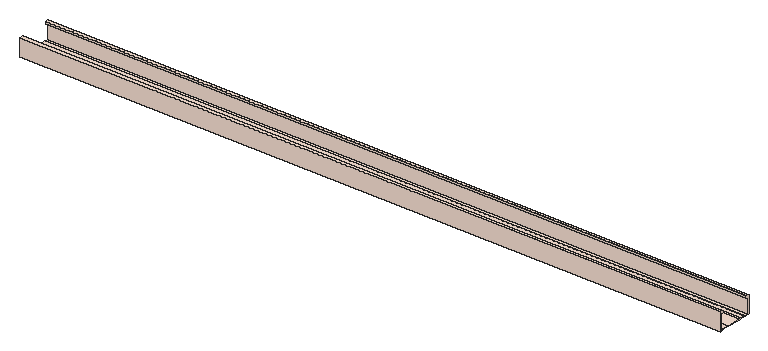
Revit family "CW-25", category 機械設備, Revit 2020
Family settings
  丸型コネクタ寸法 = 直径を使用
  種別 = なし
  パーツ タイプ = 標準
  作業面ベース = いいえ
  常に垂直 = はい
  ロード時にボイドで切り取り = いいえ
  共有 = いいえ
  部屋計算ポイント = いいえ
Parameters
  製造元 = "株式会社桐井製作所"
  既定の高さ = 0 mm
  URL = "https://www.kirii.co.jp/"
  K_長さ(mm) [instance] = 1000 mm
  K_材質 = "SGCC　一般用"
  K_断面積A(mm2) = 55
  K_断面係数Zy(mm3) = 921.6
  K_断面係数Zx(mm3) = 276.5
  K_断面2次半径iy(mm) = 20.5
  K_断面2次半径ix(mm) = 9.1
  K_断面2次モーメントIy(mm4) = 23040
  K_断面2次モーメントIx(mm4) = 4578
  K_外形寸法(mm) = "25×50×0.5"
  K_品名 = "CW-25"
  K_名称 = "野縁"
  K_単位質量(kg/m) = 0.452
  K_ヤング係数E(N/mm2) = 205000
  K_バージョン情報 = "20210524"
  K_めっき付着量 = "Z12"
  K_JIS規格 = "JIS G 3302"
  K_JIS外 [instance] = not(K_JIS)  # no
  K_JIS [instance] = yes
Reference planes
  plane 1 "中心(正面/背面)": y = 0
  plane 2: z = 0
  plane 3 "中心(左/右)": x = 0
  plane 4: x = 1000
  plane 5: z = 25
  plane 6: y = 25
  plane 7: y = -25
Forms (mm)
  Extrusion 1, solid
    sketch origin (0, 0, 0) x (0, -1, 0) y (0, 0, 1)
      loop
        line (-25, 0) -> (-20.2, 0) -> (-19.052, 0.5) -> (-11.148, 0.5) -> (-10, 0) -> (10, 0) -> (11.148, 0.5) -> (19.052, 0.5) -> (20.2, 0) -> (25, 0) -> (25, 25) -> (21, 25) -> (21, 22.3) -> (21.5, 21.586) -> (21.5, 24.5) -> (24.5, 24.5) -> (24.5, 0.5) -> (20.304, 0.5) -> (19.156, 1) -> (11.044, 1) -> (9.896, 0.5) -> (-9.896, 0.5) -> (-11.044, 1) -> (-19.156, 1) -> (-20.304, 0.5) -> (-24.5, 0.5) -> (-24.5, 24.5) -> (-21.5, 24.5) -> (-21.5, 21.586) -> (-21, 22.3) -> (-21, 25) -> (-25, 25) -> (-25, 0)
    from 0 to -1000
  Extrusion 2, void
    sketch origin (0, 0, 0) x (0, 1, 0) y (0, 0, 1)
      loop
        line (-21.893, 22.336) -> (-21.893, 20.592) -> (22.033, 20.592) -> (22.033, 22.336) -> (-21.893, 22.336)
    from 0 to 1000
Cuts and joins
  Extrusion 2 cuts Extrusion 1
Dimensions and locks
  plane 5 to level = 25 mm
  "K_長さ(mm)": plane 3 "中心(左/右)" to plane 4
  aligned and locked: level to plane 2
  aligned and locked: plane 4 to Extrusion 1
  aligned and locked: Extrusion 1 to Extrusion 2
  aligned and locked: Extrusion 2 to plane 3 "中心(左/右)"
Automatic sketch dimensions
  Extrusion 1 sketch curve to level = 0 mm  (x3)
  Extrusion 1 sketch curve to plane 6 = 0 mm
  Extrusion 1 sketch curve to plane 5 = 0 mm  (x2)
  Extrusion 1 sketch curve to plane 7 = 0 mm
  Extrusion 1 sketch curve to plane 6 = 0.5 mm
  Extrusion 1 sketch curve to plane 5 = 0.5 mm  (x2)
  Extrusion 1 sketch curve to Extrusion 1 sketch curve = 3 mm
  Extrusion 1 sketch curve to Extrusion 1 sketch curve = 0.5 mm  (x2)
  level to Extrusion 1 sketch curve = 0.5 mm  (x5)
  Extrusion 1 sketch curve to Extrusion 1 sketch curve = 4.196 mm
  Extrusion 1 sketch curve to Extrusion 1 sketch curve = 0.104 mm  (x8)
  level to Extrusion 1 sketch curve = 1 mm  (x2)
  Extrusion 1 sketch curve to Extrusion 1 sketch curve = 1.148 mm  (x4)
  Extrusion 1 sketch curve to Extrusion 1 sketch curve = 7.903 mm
  plane 1 "中心(正面/背面)" to Extrusion 1 sketch curve = 9.896 mm
  plane 7 to Extrusion 1 sketch curve = 5.948 mm
  plane 7 to Extrusion 1 sketch curve = 4 mm
  plane 7 to Extrusion 1 sketch curve = 0.5 mm
  Extrusion 1 sketch curve to plane 5 = 3.414 mm
  Extrusion 1 sketch curve to Extrusion 1 sketch curve = 0.714 mm  (x2)
  Extrusion 1 sketch curve to Extrusion 1 sketch curve = 2.2 mm
  plane 7 to Extrusion 2 sketch curve = 3.107 mm
  Extrusion 2 sketch curve to plane 6 = 2.967 mm
  Extrusion 2 sketch curve to plane 5 = 4.408 mm
  Extrusion 2 sketch curve to Extrusion 2 sketch curve = 1.744 mm
